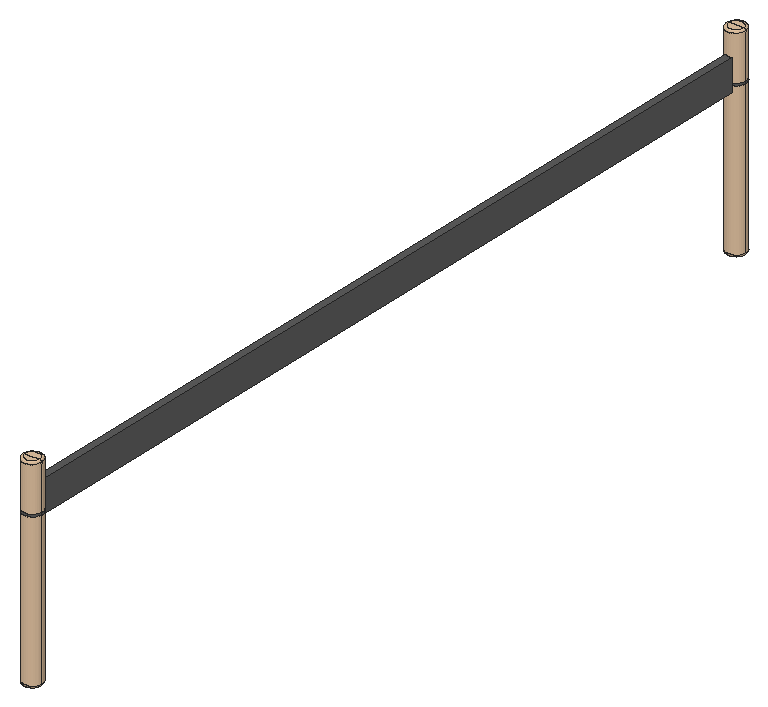
Revit family "FU_Leg_LAP0130", category Furniture, Revit 2020
Family settings
  OmniClass Number = 23.40.20.00
  OmniClass Title = General Furniture and Specialties
  Work Plane-Based = No
  Always vertical = Yes
  Cut with Voids When Loaded = No
  Shared = No
  Room Calculation Point = No
Parameters (values of type "LAP0130 Legs")
  Wood [instance] = Wood - Oak - Natural - V
  Width = 1420 mm
  URL = "https://www.sandlerseating.com/product/lapse-0130/"
  Model = "LAPSE 0130"
  Manufacturer = "Sandler"
  Leg height = 320 mm
  Frame [instance] = Epoxy - M1_B00 - Black
  Description = "Solid wood legs for Lapse in Oak with optional, adjustable glides."
  Depth = 30 mm
  Default Elevation = 0 mm
Reference planes
  plane 1 "Center (Front/Back)": y = 0
  plane 2: z = 0
  plane 3 "Center (Left/Right)": x = 0
  plane 4 "Right": y = -710
  plane 5 "Left": y = 710
  plane 6: x = -15
  plane 7: x = 15
  plane 8 "Leg Height": z = 320
  plane 9 "Support height": z = 283
  plane 10 "Back Foot TOP": y = 695
  plane 11 "Front Foot TOP": y = -695
Forms (mm)
  Extrusion 1, solid, material "Epoxy - M1_B00 - Black" <- "Frame"
    sketch origin (0, 0, 0) x (0, 1, 0) y (0, 0, 1)
      loop
        line (695, 283) -> (-695, 283) -> (-695, 233) -> (695, 233) -> (695, 283)
    from 5 to -5
  Revolve 2, solid, material "Wood - Oak - Natural - V" <- "Wood"
    sketch origin (0, 695, 0) x (-1, 0, 0) y (0, 0, 1)
      loop
        arc (12, 0) -> (14.121, 0.879) -> (15, 3) r 3
        line (15, 3) -> (15, 242.868) -> (0, 242.868) -> (0, 0) -> (12, 0)
      axis (0, 0) -> (0, 242.868)
    angle from 0 to 360
  Revolve 3, solid, material "Wood - Oak - Natural - V" <- "Wood"
    sketch origin (0, 695, 0) x (-1, 0, 0) y (0, 0, 1)
      loop
        line (12, 320) -> (0, 320) -> (0, 247.038) -> (15, 247.038) -> (15, 317)
        arc (15, 317) -> (14.121, 319.121) -> (12, 320) r 3
      axis (0, 320) -> (0, 247.038)
    angle from 0 to 360
  Revolve 4, solid, material "Epoxy - M1_B00 - Black" <- "Frame"
    sketch origin (0, 695, 0) x (-1, 0, 0) y (0, 0, 1)
      loop
        line (0, 242.868) -> (15, 242.868) -> (15, 247.038) -> (0, 247.038) -> (0, 242.868)
      axis (0, 247.038) -> (0, 242.868)
    angle from 0 to 360
  Revolve 5, solid, material "Wood - Oak - Natural - V" <- "Wood"
    sketch origin (0, -695, 0) x (-1, 0, 0) y (0, 0, 1)
      loop
        arc (12, 0) -> (14.121, 0.879) -> (15, 3) r 3
        line (15, 3) -> (15, 242.868) -> (0, 242.868) -> (0, 0) -> (12, 0)
      axis (0, 0) -> (0, 242.868)
    angle from 0 to 360
  Revolve 6, solid, material "Wood - Oak - Natural - V" <- "Wood"
    sketch origin (0, -695, 0) x (-1, 0, 0) y (0, 0, 1)
      loop
        line (12, 320) -> (0, 320) -> (0, 247.038) -> (15, 247.038) -> (15, 317)
        arc (15, 317) -> (14.121, 319.121) -> (12, 320) r 3
      axis (0, 320) -> (0, 247.038)
    angle from 0 to 360
  Revolve 7, solid, material "Epoxy - M1_B00 - Black" <- "Frame"
    sketch origin (0, -695, 0) x (-1, 0, 0) y (0, 0, 1)
      loop
        line (0, 242.868) -> (15, 242.868) -> (15, 247.038) -> (0, 247.038) -> (0, 242.868)
      axis (0, 247.038) -> (0, 242.868)
    angle from 0 to 360
Dimensions and locks
  equal spacing: plane 4 "Right", plane 1 "Center (Front/Back)", plane 5 "Left"
  "Width": plane 4 "Right" to plane 5 "Left"
  equal spacing: plane 7, plane 3 "Center (Left/Right)", plane 6
  "Depth": plane 7 to plane 6
  "Leg height": plane 8 "Leg Height" to level
  locked: plane 5 "Left" to plane 10 "Back Foot TOP" at 15
  locked: plane 11 "Front Foot TOP" to plane 4 "Right" at 15
  aligned and locked: level to plane 2
  aligned and locked: Extrusion 1 sketch curve to plane 9 "Support height"
  aligned and locked: plane 11 "Front Foot TOP" to Extrusion 1
  aligned and locked: plane 10 "Back Foot TOP" to Extrusion 1
Automatic sketch dimensions
  Extrusion 1 sketch curve to plane 11 "Front Foot TOP" = 0 mm
  Extrusion 1 sketch curve to plane 10 "Back Foot TOP" = 0 mm
  Extrusion 1 sketch curve to plane 9 "Support height" = 50 mm
  Revolve 2 sketch curve to level = 0 mm
  Revolve 2 sketch curve to plane 3 "Center (Left/Right)" = 0 mm  (x2)
  Revolve 2 sketch curve to plane 6 = 0 mm
  level to Revolve 2 sketch curve = 3 mm
  Revolve 2 sketch curve to plane 9 "Support height" = 40.132 mm
  Revolve 2 sketch curve to level = 5 mm
  level to Revolve 2 sketch curve = 25 mm
  Revolve 3 sketch curve to plane 3 "Center (Left/Right)" = 0 mm  (x2)
  Revolve 3 sketch curve to plane 8 "Leg Height" = 0 mm
  Revolve 3 sketch curve to plane 6 = 0 mm
  Revolve 3 sketch curve to Revolve 3 sketch curve = 3 mm
  Revolve 3 sketch curve to plane 9 "Support height" = 35.962 mm
  Revolve 3 sketch curve to plane 8 "Leg Height" = 10 mm
  Revolve 3 sketch curve to Revolve 3 sketch curve = 5 mm
  Revolve 4 sketch curve to plane 3 "Center (Left/Right)" = 0 mm  (x2)
  Revolve 4 sketch curve to plane 6 = 0 mm
  Revolve 4 sketch curve to plane 9 "Support height" = 40.132 mm
  Revolve 4 sketch curve to Revolve 4 sketch curve = 4.169 mm
  Revolve 4 sketch curve to Revolve 4 sketch curve = 4.469 mm
  Revolve 4 sketch curve to Revolve 4 sketch curve = 10 mm
  Revolve 5 sketch curve to level = 0 mm
  Revolve 5 sketch curve to plane 3 "Center (Left/Right)" = 0 mm  (x2)
  Revolve 5 sketch curve to plane 6 = 0 mm
  Revolve 5 sketch curve to level = 3 mm
  plane 9 "Support height" to Revolve 5 sketch curve = 40.132 mm
  level to Revolve 5 sketch curve = 5 mm
  Revolve 5 sketch curve to level = 25 mm
  Revolve 6 sketch curve to plane 3 "Center (Left/Right)" = 0 mm  (x2)
  Revolve 6 sketch curve to plane 8 "Leg Height" = 0 mm
  Revolve 6 sketch curve to plane 6 = 0 mm
  Revolve 6 sketch curve to Revolve 6 sketch curve = 3 mm
  plane 9 "Support height" to Revolve 6 sketch curve = 35.962 mm
  plane 8 "Leg Height" to Revolve 6 sketch curve = 10 mm
  Revolve 6 sketch curve to Revolve 6 sketch curve = 5 mm
  Revolve 7 sketch curve to plane 3 "Center (Left/Right)" = 0 mm  (x2)
  Revolve 7 sketch curve to plane 6 = 0 mm
  plane 9 "Support height" to Revolve 7 sketch curve = 40.132 mm
  Revolve 7 sketch curve to Revolve 7 sketch curve = 4.169 mm
  Revolve 7 sketch curve to Revolve 7 sketch curve = 4.469 mm
  Revolve 7 sketch curve to Revolve 7 sketch curve = 10 mm
